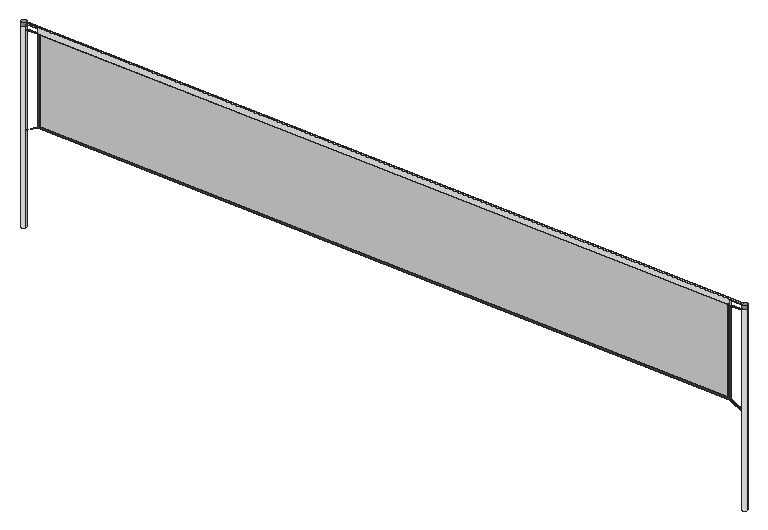
Revit family "Badminton-System_Competition_BM10", category Generic Models, Revit 2026
Family settings
  Can host rebar = No
  Round Connector Dimension = Use Diameter
  Part Type = Normal
  Classification Number = 23.40.50.34.14
  Work Plane-Based = No
  Always vertical = Yes
  Cut with Voids When Loaded = No
  Maintain Annotation Orientation = No
  Shared = No
  Room Calculation Point = No
Parameters
  URL = "https://ipibybison.com/"
  Test Data = "http://www.ipibybison.com/ToolBox.php"
  Specification = "https://www.arcat.com/arcatcos/cos49/arc49571.html"
  Sales Information = "http://www.ipibybison.com/DealersPage.php"
  Revision = "R1_2018-09"
  Product Data = "http://www.arcat.com/arcatcos/cos38/arc38554.html"
  Post Finish = Powder Coat - White
  Post Diameter = 0' - 1.67"
  Net Height = 2' - 6"
  Net Frame Material = Fabric - Black - Netting Frame
  Netting = Finish - IPI by Bison - White Netting
  Model = "As Specified"
  Manufacturer Website = "http://www.ipibybison.com/"
  Manufacturer Phone - Toll Free = "888-438-5311"
  Manufacturer Phone = "888-438-5311"
  Manufacturer Fax = "888-438-5312"
  Manufacturer Address = "603 L St.   Lincoln, NE 68508"
  Manufacturer = "BRP by bison"
  Length = 20' - 0"
  Keynote = "11 66 00"
  Installation-Fabrication = "http://www.ipibybison.com/InstallersPage.php"
  Height = 5' - 1"
  Green Building-LEED = "https://www.arcat.com/green/green_building.shtml"
  Drawn By = "Sumex Design, Inc. / Robert S. Weygant, CSI, CDT, SCIP"
  Description = "IPI by Bison Gymnasium Equipment"
  Default Elevation = 0' - 0"
  Copyright = "©Arcat Inc."
  Construction Details = "https://www.arcat.com/downloads/38554-brpbis/bim/bison/BRP%20by%20bison"
  Category = ""
  Building Codes = "https://www.brpbybison.com/submittals.html"
Reference planes (in)
  plane 1 "Center (Front/Back)": y = 0
  plane 2 "Bottom": z = 0
  plane 3 "Center (Left/Right)": x = 0
  plane 4 "Left": x = -120
  plane 5 "Right": x = 120
  plane 6 "Top": z = 61
  plane 7: x = 115
  plane 8: x = -115
  plane 9: z = 31
  plane 10: z = 59.13
  plane 11: x = -114.42
  plane 12: x = 114.42
  plane 13: z = 31.59375
  plane 14: y = 0.125
  plane 15: y = -0.125
  plane 16: z = 60.63
  plane 17: z = 60.065
Forms (in)
  Extrusion 1, solid, material "Powder Coat - White" <- "Post Finish"
    sketch origin (0, 0, 0) x (1, 0, 0) y (0, 1, 0)
      loop
        circle (-120, 0) r 0.835
      loop
        circle (120, 0) r 0.835
    from 0 to 60.065
  Extrusion 2, solid, material "Fabric - Black - Netting Frame" <- "Net Frame Material"
    sketch origin (0, 0, 0) x (1, 0, 0) y (0, 0, 1)
      loop
        line (-115, 31.13908) -> (-120, 28.70041) -> (-120, 28.56134) -> (-115, 31) -> (115, 31) -> (120, 28.56134) -> (120, 28.70041) -> (115, 31.13908) -> (115, 59.005) -> (120, 59.005) -> (120, 59.13) -> (114.42, 59.13) -> (114.42, 31.59375) -> (-114.42, 31.59375) -> (-114.42, 59.13) -> (-120, 59.13) -> (-120, 59.005) -> (-115, 59.005) -> (-115, 31.13908)
    from -0.125 to 0.125
  Extrusion 3, solid, material "Finish - IPI by Bison - White Netting" <- "Netting"
    sketch origin (0, 0, 0) x (1, 0, 0) y (0, 0, 1)
      loop
        line (-114.42, 59.13) -> (-114.42, 31.59375) -> (114.42, 31.59375) -> (114.42, 59.13) -> (-114.42, 59.13)
    from -0.125 to 0.125
  Extrusion 4, solid, material "Aluminum"
    sketch origin (0, 0, 0) x (1, 0, 0) y (0, 1, 0)
      loop
        circle (-120, 0) r 0.835
      loop
        circle (120, 0) r 0.835
    from 60.065 to 61
  Extrusion 5, solid, material "Powder Coat - White" <- "Post Finish"
    sketch origin (0, 0, 0) x (1, 0, 0) y (0, 0, 1)
      loop
        line (-119.16585, 61) -> (-119.16585, 60.63) -> (-115, 60.63) -> (-115, 59.13) -> (115, 59.13) -> (115, 60.63) -> (119.16585, 60.63) -> (119.16585, 61) -> (-119.16585, 61)
    from -0.125 to 0.125
Dimensions and locks (in)
  equal spacing: plane 4 "Left", plane 3 "Center (Left/Right)", plane 5 "Right"
  "Length": plane 4 "Left" to plane 5 "Right"
  "Height": plane 6 "Top" to level
  locked: plane 7 to plane 5 "Right" at 5
  locked: plane 8 to plane 4 "Left" at 5
  "Net Height": plane 6 "Top" to plane 9
  locked: plane 6 "Top" to plane 10 at 1.87
  locked: plane 11 to plane 8 at 0.58
  locked: plane 12 to plane 7 at 0.58
  locked: plane 13 to plane 9 at 0.59375
  locked: plane 14 to plane 1 "Center (Front/Back)" at 0.125
  locked: plane 15 to plane 1 "Center (Front/Back)" at 0.125
  locked: plane 6 "Top" to plane 16 at 0.37
  locked: plane 9 to Extrusion 2 sketch curve at 2.43866  (x2)
  equal spacing: plane 6 "Top", plane 17, plane 10
  locked: plane 10 to Extrusion 2 sketch curve at 0.125  (x2)
  locked: Extrusion 5 sketch curve to plane 5 "Right" at 0.83415
  locked: Extrusion 5 sketch curve to plane 4 "Left" at 0.83415
  "Post Diameter": diameter of Extrusion 1 sketch curve  (x2)
  "Post Diameter": diameter of Extrusion 4 sketch curve  (x2)
  aligned and locked: plane 2 "Bottom" to level
  aligned and locked: plane 1 "Center (Front/Back)" to Extrusion 1 sketch curve  (x2)
  aligned and locked: plane 4 "Left" to Extrusion 1 sketch curve
  aligned and locked: plane 5 "Right" to Extrusion 1 sketch curve
  aligned and locked: Extrusion 1 to level
  aligned and locked: plane 8 to Extrusion 2 sketch curve
  aligned and locked: plane 9 to Extrusion 2 sketch curve  (x2)
  aligned and locked: plane 12 to Extrusion 2 sketch curve
  aligned and locked: plane 13 to Extrusion 2 sketch curve
  aligned and locked: plane 11 to Extrusion 2 sketch curve
  aligned and locked: plane 14 to Extrusion 2
  aligned and locked: plane 5 "Right" to Extrusion 2 sketch curve
  aligned and locked: Extrusion 2 sketch curve to plane 10
  aligned and locked: Extrusion 2 sketch curve to plane 5 "Right"
  aligned and locked: plane 7 to Extrusion 2 sketch curve  (x2)
  aligned and locked: plane 4 "Left" to Extrusion 2 sketch curve
  aligned and locked: Extrusion 2 sketch curve to plane 4 "Left"
  aligned and locked: plane 10 to Extrusion 2 sketch curve
  aligned and locked: Extrusion 3 sketch curve to plane 10
  aligned and locked: plane 13 to Extrusion 3 sketch curve
  aligned and locked: plane 11 to Extrusion 3 sketch curve
  aligned and locked: plane 12 to Extrusion 3 sketch curve
  aligned and locked: plane 14 to Extrusion 3
  aligned and locked: plane 15 to Extrusion 3
  aligned and locked: plane 17 to Extrusion 1
  aligned and locked: plane 4 "Left" to Extrusion 4 sketch curve
  aligned and locked: plane 1 "Center (Front/Back)" to Extrusion 4 sketch curve  (x2)
  aligned and locked: plane 5 "Right" to Extrusion 4 sketch curve
  aligned and locked: Extrusion 4 to plane 17
  aligned and locked: plane 6 "Top" to Extrusion 4
  aligned and locked: Extrusion 5 sketch curve to plane 6 "Top"
  aligned and locked: plane 10 to Extrusion 5 sketch curve
  aligned and locked: plane 7 to Extrusion 5 sketch curve
  aligned and locked: Extrusion 5 sketch curve to plane 16
  aligned and locked: plane 8 to Extrusion 5 sketch curve
  aligned and locked: plane 16 to Extrusion 5 sketch curve
  aligned and locked: plane 14 to Extrusion 5
  aligned and locked: plane 15 to Extrusion 5
Automatic sketch dimensions
  Extrusion 2 sketch curve to plane 8 = 0' - 0"
  Extrusion 2 sketch curve to Extrusion 2 sketch curve = 0' - 0.13908"  (x2)
  plane 9 to Extrusion 2 sketch curve = 0' - 0.13908"  (x2)
